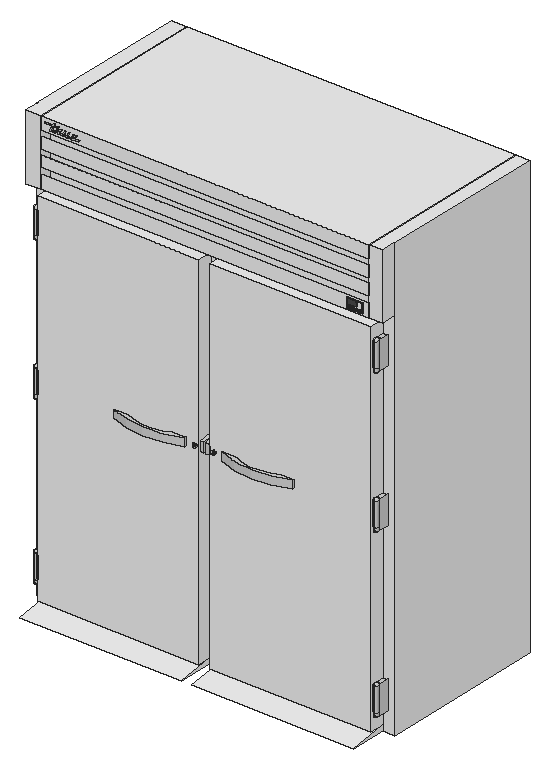
Revit family
Parameters
  Weight in Pounds = 0
  Watts = 4000 W
  Volts = 115 V
  URL Cutsheet = "www.truemfg.com"
  URL = "www.truemfg.com"
  Type Mark [instance] = ""
  Type Comments = ""
  Status [instance] = ""
  Specification by User [instance] = ""
  Specification by Manufacturer = ""
  Show Logo [instance] = yes
  Show Clearance [instance] = yes
  Serial Number = ""
  Seismic Rating = ""
  SMACNA No = ""
  Revision Code [instance] = ""
  Phase = 1
  Omniclass Number and Title = ""
  Number of Poles [instance] = 1
  NAFEM Spec ID Number = ""
  Model = "STR2HRI-2S"
  Min Ckt Ampacity = 0 A
  Max Overcurrent Protection = 0 A
  Masterspec = ""
  Manufacturer = "TRUE FOOD SERVICE EQUIPMENT, INC."
  Length = 68"
  Item Number [instance] = ""
  Installed By [instance] = ""
  Identify Quantity as Lot [instance] = yes
  Height = 83 3/4"
  HP = ""
  Furnished By [instance] = ""
  Foodservice Equipment Identifier [instance] = yes
  FL Amps = Watts / Volts  # 34.7826 A
  Electrical Remarks [instance] = ""
  Electric Connection Type [instance] = ""
  Elec Conn RI Height [instance] = 0"
  Elec Conn Connection Height [instance] = 0"
  Description = "Roll-in Solid Swing Door Heated Cabinet"
  Depth = 34 3/4"
  Cycle = 60 Hz
  Conn Plug = "14-20P"
  Conn Conduit = yes
  CSI MasterFormat = ""
  CSI Master Format = ""
  Apparent Power = if(Phase = 3, Volts * FL Amps * 1.73, Volts * FL Amps)  # 4000 VA
Reference planes (in)
  plane 1 "BACK": y = 0
  plane 2: z = 0
  plane 3 "LEFT": x = 0
  plane 4 "RIGHT": x = 68
  plane 5 "FRONT": y = -34.75
  plane 6 "TOP": z = 83.75
  plane 7: x = 2.84375
  plane 8: y = -34.7042
  plane 9: x = 34
  plane 10: z = 69.90625
Forms (in)
  Extrusion 1, solid, material "QF_Finishes_Chrome - Satin"
    sketch origin (0.05, 0, 0) x (1, 0, 0) y (0, 1, 0)
      loop
        line (-0.05, 0) -> (-0.05, -32) -> (2.87859, -32) -> (2.87859, 0) -> (-0.05, 0)
    from 0 to 83.75
  Extrusion 2, solid, material "QF_Finishes_Chrome - Satin"
    sketch origin (50.15, 0, 0) x (1, 0, 0) y (0, 1, 0)
      loop
        line (15.15, 0) -> (15.15, -32) -> (17.85, -32) -> (17.85, 0) -> (15.15, 0)
    from 0 to 83.75
  Extrusion 3, solid, material "QF_Finishes_Chrome - Satin"
    sketch origin (0, 0, 0) x (0, 1, 0) y (0, 0, 1)
      loop
        line (-34.7042, 71.28125) -> (-32, 71.28125) -> (-32, 0) -> (0, 0) -> (0, 83.75) -> (-34.7042, 83.75) -> (-34.7042, 81.40578) -> (-32.5, 79.83852) -> (-32.5, 78.71625) -> (-34.7042, 80.28351) -> (-34.7042, 78.1498) -> (-32.5, 76.58254) -> (-32.5, 75.62178) -> (-34.7042, 77.18904) -> (-34.7042, 75.09284) -> (-32.5, 73.52557) -> (-32.5, 72.25) -> (-34.7042, 73.81726) -> (-34.7042, 71.28125)
    from 2.92859 to 65.3
  Extrusion 4, solid, material "QF_Finishes_Chrome - Satin"
    sketch origin (0, 0, 0) x (1, 0, 0) y (0, 1, 0)
      loop
        line (67.84782, -32) -> (65.3, -32) -> (65.3, -34.75) -> (67.84782, -34.75) -> (67.84782, -32)
    from 71.28125 to 83.75
  Extrusion 5, solid, material "QF_Finishes_Chrome - Satin"
    sketch origin (-50.125, 0, 0.25) x (1, 0, 0) y (0, 1, 0)
      loop
        line (53.05359, -32) -> (50.24109, -32) -> (50.24109, -34.75) -> (53.05359, -34.75) -> (53.05359, -32)
    from 71.03125 to 83.5
  Extrusion 6, solid, material "QF_Finishes_Chrome - Satin"
    sketch origin (8.03125, -1, -0.71875) x (1, 0, 0) y (0, 0, 1)
      loop
        line (26.96875, 1.71875) -> (57.65625, 1.71875) -> (57.65625, 70.625) -> (26.96875, 70.625) -> (26.96875, 1.71875)
    from 31 to 33.75
  Extrusion 7, solid, material "QF_Finishes_Handrails and Railings"
    sketch origin (91.34375, -0.25, 26.43519) x (1, 0, 0) y (0, 1, 0)
      loop
        line (-53.875, -34.5) -> (-53.875, -34.7)
        arc (-53.875, -34.7) -> (-47.075, -36.14405) -> (-40.275, -34.7) r 16.7325
        line (-40.275, -34.7) -> (-40.275, -34.5) -> (-42.675, -34.5)
        arc (-42.675, -34.5) -> (-47.075, -35.65816) -> (-51.475, -34.5) r 8.93715
        line (-51.475, -34.5) -> (-53.875, -34.5)
    from 10.87731 to 12.37731
  Extrusion 8, solid, material "QF_Finishes_Handrails and Railings"
    sketch origin (9.34375, -1.08467, -2) x (1, 0, 0) y (0, 0, 1)
      loop
        circle (26.4375, 40.0625) r 0.35
      loop
        line (26.47265, 40.33635) -> (26.41715, 40.33635) -> (26.41715, 39.76895) -> (26.47265, 39.76895) -> (26.47265, 40.33635)
    from 33.5 to 33.83066
  Extrusion 9, solid, material "QF_Finishes_Handrails and Railings", visible <- "Show Logo"
    sketch origin (0.33478, 0.06376, 5.00294) x (1, 0, 0) y (0, 0, 1)
      loop
        line (3.46044, 78.08731) -> (3.35478, 77.86073) -> (4.76027, 77.86073)
        arc (4.76027, 77.86073) -> (4.78879, 77.81028) -> (4.76027, 77.75984) r 0.05887
        line (4.76027, 77.75984) -> (4.39369, 76.97372)
        arc (4.39369, 76.97372) -> (4.39051, 76.90091) -> (4.43975, 76.84717) r 0.09523
        line (4.43975, 76.84717) -> (5.33844, 76.84717)
        arc (5.33844, 76.84717) -> (5.45192, 76.88295) -> (5.52436, 76.97735) r 0.19785
        line (5.52436, 76.97735) -> (5.81285, 77.59601) -> (6.0779, 77.59601)
        arc (6.0779, 77.59601) -> (6.14744, 77.57043) -> (6.13737, 77.49703) r 0.05911
        line (6.13737, 77.49703) -> (5.89598, 76.97937)
        arc (5.89598, 76.97937) -> (5.89974, 76.8934) -> (5.97231, 76.84717) r 0.09318
        line (5.97231, 76.84717) -> (6.76198, 76.84717)
        arc (6.76198, 76.84717) -> (6.82249, 76.86919) -> (6.85468, 76.92495) r 0.09412
        arc (6.85468, 76.92495) -> (6.87746, 76.86995) -> (6.93246, 76.84717) r 0.07778
        line (6.93246, 76.84717) -> (7.43246, 76.84717)
        arc (7.43246, 76.84717) -> (7.49022, 76.86265) -> (7.53251, 76.90493) r 0.11552
        arc (7.53251, 76.90493) -> (7.55275, 76.85606) -> (7.60162, 76.83581) r 0.06912
        line (7.60162, 76.83581) -> (8.31225, 76.83581)
        arc (8.31225, 76.83581) -> (8.37034, 76.85988) -> (8.39441, 76.91797) r 0.08216
        arc (8.39441, 76.91797) -> (8.44767, 76.86472) -> (8.52042, 76.84522) r 0.14551
        line (8.52042, 76.84522) -> (9.85158, 76.84522) -> (9.99946, 77.10134) -> (8.65678, 77.10134)
        arc (8.65678, 77.10134) -> (8.61972, 77.12704) -> (8.61834, 77.17211) r 0.05009
        line (8.61834, 77.17211) -> (8.64157, 77.22192)
        arc (8.64157, 77.22192) -> (8.67723, 77.26864) -> (8.73327, 77.28635) r 0.09747
        line (8.73327, 77.28635) -> (9.16485, 77.28635)
        arc (9.16485, 77.28635) -> (9.258, 77.31131) -> (9.32619, 77.3795) r 0.1863
        line (9.32619, 77.3795) -> (9.45119, 77.59601)
        arc (9.45119, 77.59601) -> (9.45119, 77.71157) -> (9.35111, 77.76934) r 0.11556
        line (9.35111, 77.76934) -> (8.89562, 77.76934)
        arc (8.89562, 77.76934) -> (8.7795, 77.74962) -> (8.69849, 77.66412) r 0.18605
        line (8.69849, 77.66412) -> (8.48204, 77.19993)
        arc (8.48204, 77.19993) -> (8.41815, 77.11667) -> (8.31806, 77.08511) r 0.1745
        line (8.31806, 77.08511) -> (7.84559, 77.08511)
        arc (7.84559, 77.08511) -> (7.78903, 77.14684) -> (7.79268, 77.23048) r 0.10939
        line (7.79268, 77.23048) -> (8.04395, 77.76934) -> (7.88403, 77.76934) -> (7.61781, 77.19844)
        arc (7.61781, 77.19844) -> (7.56609, 77.13103) -> (7.48505, 77.10548) r 0.14128
        line (7.48505, 77.10548) -> (7.15925, 77.10548)
        arc (7.15925, 77.10548) -> (7.10419, 77.17723) -> (7.116, 77.26689) r 0.11816
        line (7.116, 77.26689) -> (7.3503, 77.76934) -> (7.18514, 77.76934) -> (6.91546, 77.191)
        arc (6.91546, 77.191) -> (6.85285, 77.12839) -> (6.76733, 77.10548) r 0.17104
        line (6.76733, 77.10548) -> (6.29555, 77.10548)
        arc (6.29555, 77.10548) -> (6.21082, 77.14499) -> (6.20267, 77.23813) r 0.0935
        line (6.20267, 77.23813) -> (6.35774, 77.57069) -> (6.57695, 77.57069)
        arc (6.57695, 77.57069) -> (6.61395, 77.68217) -> (6.69267, 77.76934) r 0.2857
        line (6.69267, 77.76934) -> (5.83605, 77.76934)
        arc (5.83605, 77.76934) -> (5.74086, 77.74824) -> (5.67498, 77.67635) r 0.16212
        line (5.67498, 77.67635) -> (5.44279, 77.17841)
        arc (5.44279, 77.17841) -> (5.3894, 77.12502) -> (5.31647, 77.10548) r 0.14586
        line (5.31647, 77.10548) -> (4.80506, 77.10548)
        arc (4.80506, 77.10548) -> (4.76514, 77.15942) -> (4.77274, 77.22609) r 0.09155
        line (4.77274, 77.22609) -> (5.11018, 77.86073) -> (5.96155, 77.86073) -> (6.06721, 78.08731) -> (5.21584, 78.08731) -> (5.32149, 78.31388) -> (5.01862, 78.31388) -> (4.91297, 78.08731) -> (3.46044, 78.08731)
      loop
        arc (8.83805, 77.56363) -> (8.80119, 77.55375) -> (8.7742, 77.52676) r 0.07373
        line (8.7742, 77.52676) -> (8.75229, 77.45936)
        arc (8.75229, 77.45936) -> (8.76245, 77.43483) -> (8.78699, 77.42466) r 0.0347
        line (8.78699, 77.42466) -> (9.15948, 77.42466)
        arc (9.15948, 77.42466) -> (9.18632, 77.43061) -> (9.20812, 77.44734) r 0.0635
        line (9.20812, 77.44734) -> (9.22624, 77.53122)
        arc (9.22624, 77.53122) -> (9.22091, 77.55368) -> (9.20009, 77.56363) r 0.02676
        line (9.20009, 77.56363) -> (8.83805, 77.56363)
    from 34.76797 to 34.83173
  Extrusion 10, solid, material "QF_Finishes_White"
    sketch origin (-22.74812, 0.0458, -7.95638) x (1, 0, 0) y (0, 0, 1)
      loop
        line (83.81732, 81.35727) -> (83.81732, 79.60996) -> (86.72357, 79.60996) -> (86.72357, 81.35727) -> (83.81732, 81.35727)
    from 34.75 to 34.76797
  Extrusion 11, solid, material "QF_Finishes_Black"
    sketch origin (-22.74812, 0.0458, -7.95638) x (1, 0, 0) y (0, 0, 1)
      loop
        line (86.78607, 81.41977) -> (83.75482, 81.41977) -> (83.75482, 79.54746) -> (86.78607, 79.54746) -> (86.78607, 81.41977)
      loop
        spline (83.95482, 79.87872) -> (83.96333, 79.86254) -> (83.98831, 79.84747) -> (84.02804, 79.83452) -> (84.07982, 79.82459) -> (84.14011, 79.81835) -> (84.20482, 79.81622) -> (84.26952, 79.81835) -> (84.32982, 79.82459) -> (84.38159, 79.83452) -> (84.42132, 79.84747) -> (84.4463, 79.86254) -> (84.45482, 79.87872)
        spline (84.45482, 79.87872) -> (84.4463, 79.89489) -> (84.42132, 79.90997) -> (84.38159, 79.92291) -> (84.32982, 79.93284) -> (84.26952, 79.93909) -> (84.20482, 79.94122) -> (84.14011, 79.93909) -> (84.07982, 79.93284) -> (84.02804, 79.92291) -> (83.98831, 79.90997) -> (83.96333, 79.89489) -> (83.95482, 79.87872)
      loop
        spline (84.65083, 79.87872) -> (84.65935, 79.86254) -> (84.68432, 79.84747) -> (84.72405, 79.83452) -> (84.77583, 79.82459) -> (84.83612, 79.81835) -> (84.90083, 79.81622) -> (84.96553, 79.81835) -> (85.02583, 79.82459) -> (85.07761, 79.83452) -> (85.11734, 79.84747) -> (85.14231, 79.86254) -> (85.15083, 79.87872)
        spline (85.15083, 79.87872) -> (85.14231, 79.89489) -> (85.11734, 79.90997) -> (85.07761, 79.92291) -> (85.02583, 79.93284) -> (84.96553, 79.93909) -> (84.90083, 79.94122) -> (84.83612, 79.93909) -> (84.77583, 79.93284) -> (84.72405, 79.92291) -> (84.68432, 79.90997) -> (84.65935, 79.89489) -> (84.65083, 79.87872)
      loop
        spline (85.40083, 79.87872) -> (85.40935, 79.86254) -> (85.43432, 79.84747) -> (85.47405, 79.83452) -> (85.52583, 79.82459) -> (85.58612, 79.81835) -> (85.65083, 79.81622) -> (85.71553, 79.81835) -> (85.77583, 79.82459) -> (85.82761, 79.83452) -> (85.86734, 79.84747) -> (85.89231, 79.86254) -> (85.90083, 79.87872)
        spline (85.90083, 79.87872) -> (85.89231, 79.89489) -> (85.86734, 79.90997) -> (85.82761, 79.92291) -> (85.77583, 79.93284) -> (85.71553, 79.93909) -> (85.65083, 79.94122) -> (85.58612, 79.93909) -> (85.52583, 79.93284) -> (85.47405, 79.92291) -> (85.43432, 79.90997) -> (85.40935, 79.89489) -> (85.40083, 79.87872)
      loop
        line (83.95481, 81.21978) -> (83.95481, 80.21978) -> (85.65433, 80.21978) -> (85.65433, 81.21978) -> (83.95481, 81.21978)
      loop
        line (86.72357, 81.35727) -> (83.81732, 81.35727) -> (83.81732, 79.60996) -> (86.72357, 79.60996) -> (86.72357, 81.35727)
      loop
        spline (86.15083, 79.87872) -> (86.15935, 79.86254) -> (86.18432, 79.84747) -> (86.22405, 79.83452) -> (86.27583, 79.82459) -> (86.33612, 79.81835) -> (86.40083, 79.81622) -> (86.46553, 79.81835) -> (86.52583, 79.82459) -> (86.57761, 79.83452) -> (86.61734, 79.84747) -> (86.64231, 79.86254) -> (86.65083, 79.87872)
        spline (86.65083, 79.87872) -> (86.64231, 79.89489) -> (86.61734, 79.90997) -> (86.57761, 79.92291) -> (86.52583, 79.93284) -> (86.46553, 79.93909) -> (86.40083, 79.94122) -> (86.33612, 79.93909) -> (86.27583, 79.93284) -> (86.22405, 79.92291) -> (86.18432, 79.90997) -> (86.15935, 79.89489) -> (86.15083, 79.87872)
    from 34.76797 to 34.80335
  Extrusion 12, solid
    sketch origin (-25.125, 0, 0) x (1, 0, 0) y (0, 0, 1)
      loop
        circle (89.875, 81.625) r 0.25
    from 0 to 0.0625
  Blend 13, solid, material "QF_Finishes_Handrails and Railings"
    base sketch origin (60.25, -1, 0) x (-1, 0, 0) y (0, 0, -1)
      loop
        line (25.25, -38.99169) -> (26, -38.99169) -> (26, -37.24169) -> (25.25, -37.24169) -> (25.25, -38.99169)
    top sketch origin (60.25, 0, 0) x (-1, 0, 0) y (0, 0, -1)
      loop
        line (26.18223, -36.6441) -> (25.25, -36.6441) -> (25.25, -39.42643) -> (26.18223, -39.42643) -> (26.18223, -36.6441)
    from 33.57883 to 32
  Extrusion 14, solid, material "QF_Finishes_Handrails and Railings"
    sketch origin (66.78125, 0, 3.5) x (0, 1, 0) y (0, 0, -1)
      loop
        line (-32, -64.17729) -> (-32, -58.86127) -> (-34.25, -58.86127) -> (-34.25, -59.57348) -> (-33.81497, -59.57348) -> (-33.81497, -63.97276)
        arc (-33.81497, -63.97276) -> (-33.75506, -64.11738) -> (-33.61044, -64.17729) r 0.20453
        line (-33.61044, -64.17729) -> (-32, -64.17729)
    from 0.17506 to 1
  Revolve 15, solid, material "QF_Finishes_Handrails and Railings"
    sketch origin (66.28125, 0, 3.5) x (0, 1, 0) y (0, 0, -1)
      loop
        line (-34.26563, -59.62689) -> (-34.67229, -59.62689) -> (-34.67229, -64.0986)
        arc (-34.67229, -64.0986) -> (-34.53722, -64.35057) -> (-34.26563, -64.43983) r 0.3848
        line (-34.26563, -64.43983) -> (-34.26563, -59.62689)
      loop
        line (-34.26563, -59.57348) -> (-34.26563, -58.67281)
        arc (-34.26563, -58.67281) -> (-34.53264, -58.75883) -> (-34.67229, -59.00212) r 0.38884
        line (-34.67229, -59.00212) -> (-34.67229, -59.57348) -> (-34.26563, -59.57348)
      axis (-34.26563, -58.67281) -> (-34.26563, -64.43983)
    angle from 0 to 360
  Extrusion 16, solid, material "QF_Finishes_Handrails and Railings"
    sketch origin (27.5, -1.07734, 3.5011) x (-1, 0, 0) y (0, 0, -1)
      loop
        line (-38.58509, -64.0986) -> (-38.1875, -64.0986) -> (-38.1875, -59.62579) -> (-38.58509, -59.62579) -> (-38.58509, -64.0986)
    from 32.81497 to 33.59495
  Extrusion 17, solid, material "QF_Finishes_Handrails and Railings"
    sketch origin (66.78125, 0, -24) x (0, 1, 0) y (0, 0, -1)
      loop
        line (-32, -64.55229) -> (-32, -59.23627) -> (-34.25, -59.23627) -> (-34.25, -59.94848) -> (-33.81497, -59.94848) -> (-33.81497, -64.34776)
        arc (-33.81497, -64.34776) -> (-33.75506, -64.49238) -> (-33.61044, -64.55229) r 0.20453
        line (-33.61044, -64.55229) -> (-32, -64.55229)
    from 0.17506 to 1
  Revolve 18, solid, material "QF_Finishes_Handrails and Railings"
    sketch origin (66.28125, 0, -24) x (0, 1, 0) y (0, 0, -1)
      loop
        line (-34.26563, -60.00189) -> (-34.67229, -60.00189) -> (-34.67229, -64.4736)
        arc (-34.67229, -64.4736) -> (-34.53722, -64.72557) -> (-34.26563, -64.81483) r 0.3848
        line (-34.26563, -64.81483) -> (-34.26563, -60.00189)
      loop
        line (-34.26563, -59.94848) -> (-34.26563, -59.04781)
        arc (-34.26563, -59.04781) -> (-34.53264, -59.13383) -> (-34.67229, -59.37712) r 0.38884
        line (-34.67229, -59.37712) -> (-34.67229, -59.94848) -> (-34.26563, -59.94848)
      axis (-34.26563, -59.04781) -> (-34.26563, -64.81483)
    angle from 0 to 360
  Extrusion 19, solid, material "QF_Finishes_Handrails and Railings"
    sketch origin (27.5, -1.07734, -23.9989) x (-1, 0, 0) y (0, 0, -1)
      loop
        line (-38.58509, -64.4736) -> (-38.1875, -64.4736) -> (-38.1875, -60.00079) -> (-38.58509, -60.00079) -> (-38.58509, -64.4736)
    from 32.81497 to 33.59495
  Extrusion 20, solid, material "QF_Finishes_Handrails and Railings"
    sketch origin (66.78125, 0, -55.5) x (0, 1, 0) y (0, 0, -1)
      loop
        line (-32, -64.55229) -> (-32, -59.23627) -> (-34.25, -59.23627) -> (-34.25, -59.94848) -> (-33.81497, -59.94848) -> (-33.81497, -64.34776)
        arc (-33.81497, -64.34776) -> (-33.75506, -64.49238) -> (-33.61044, -64.55229) r 0.20453
        line (-33.61044, -64.55229) -> (-32, -64.55229)
    from 0.17506 to 1
  Revolve 21, solid, material "QF_Finishes_Handrails and Railings"
    sketch origin (66.28125, 0, -55.5) x (0, 1, 0) y (0, 0, -1)
      loop
        line (-34.26563, -60.00189) -> (-34.67229, -60.00189) -> (-34.67229, -64.4736)
        arc (-34.67229, -64.4736) -> (-34.53722, -64.72557) -> (-34.26563, -64.81483) r 0.3848
        line (-34.26563, -64.81483) -> (-34.26563, -60.00189)
      loop
        line (-34.26563, -59.94848) -> (-34.26563, -59.04781)
        arc (-34.26563, -59.04781) -> (-34.53264, -59.13383) -> (-34.67229, -59.37712) r 0.38884
        line (-34.67229, -59.37712) -> (-34.67229, -59.94848) -> (-34.26563, -59.94848)
      axis (-34.26563, -59.04781) -> (-34.26563, -64.81483)
    angle from 0 to 360
  Extrusion 22, solid, material "QF_Finishes_Handrails and Railings"
    sketch origin (27.5, -1.07734, -55.4989) x (-1, 0, 0) y (0, 0, -1)
      loop
        line (-38.58509, -64.4736) -> (-38.1875, -64.4736) -> (-38.1875, -60.00079) -> (-38.58509, -60.00079) -> (-38.58509, -64.4736)
    from 32.81497 to 33.59495
  Extrusion 23, solid, material "QF_Finishes_Chrome - Satin"
    sketch origin (65.6875, -1, 8.03125) x (0, 0, 1) y (0, -1, 0)
      loop
        line (-8.03125, 37.875) -> (-8.03125, 31) -> (-7.03125, 31) -> (-8.03125, 37.875)
    from 0 to -30.6875
  Extrusion 24, solid, material "QF_Finishes_Chrome - Satin"
    sketch origin (59.96875, -1, -0.71875) x (-1, 0, 0) y (0, 0, -1)
      loop
        line (26.96875, -1.71875) -> (26.96875, -70.625) -> (57.65625, -70.625) -> (57.65625, -1.71875) -> (26.96875, -1.71875)
    from 31 to 33.75
  Extrusion 25, solid, material "QF_Finishes_Handrails and Railings"
    sketch origin (-23.34375, -0.25, 26.43519) x (1, 0, 0) y (0, 1, 0)
      loop
        line (53.875, -34.5) -> (51.475, -34.5)
        arc (51.475, -34.5) -> (47.075, -35.65816) -> (42.675, -34.5) r 8.93715
        line (42.675, -34.5) -> (40.275, -34.5) -> (40.275, -34.7)
        arc (40.275, -34.7) -> (47.075, -36.14405) -> (53.875, -34.7) r 16.7325
        line (53.875, -34.7) -> (53.875, -34.5)
    from 10.87731 to 12.37731
  Extrusion 26, solid, material "QF_Finishes_Handrails and Railings"
    sketch origin (58.65625, -1.08467, -2) x (-1, 0, 0) y (0, 0, -1)
      loop
        circle (26.4375, -40.0625) r 0.35
      loop
        line (26.47265, -40.33635) -> (26.47265, -39.76895) -> (26.41715, -39.76895) -> (26.41715, -40.33635) -> (26.47265, -40.33635)
    from 33.5 to 33.83066
  Blend 27, solid, material "QF_Finishes_Handrails and Railings"
    base sketch origin (7.75, -1, 0) x (1, 0, 0) y (0, 0, 1)
      loop
        line (25.25, 38.99169) -> (25.25, 37.24169) -> (26, 37.24169) -> (26, 38.99169) -> (25.25, 38.99169)
    top sketch origin (7.75, 0, 0) x (1, 0, 0) y (0, 0, 1)
      loop
        line (26.18223, 36.6441) -> (26.18223, 39.42643) -> (25.25, 39.42643) -> (25.25, 36.6441) -> (26.18223, 36.6441)
    from 33.57883 to 32
  Extrusion 28, solid, material "QF_Finishes_Handrails and Railings"
    sketch origin (1.21875, 0, 3.5) x (0, 1, 0) y (0, 0, 1)
      loop
        line (-32, 64.17729) -> (-33.61044, 64.17729)
        arc (-33.61044, 64.17729) -> (-33.75506, 64.11738) -> (-33.81497, 63.97276) r 0.20453
        line (-33.81497, 63.97276) -> (-33.81497, 59.57348) -> (-34.25, 59.57348) -> (-34.25, 58.86127) -> (-32, 58.86127) -> (-32, 64.17729)
    from 0.17506 to 1
  Revolve 29, solid, material "QF_Finishes_Handrails and Railings"
    sketch origin (1.71875, 0, 3.5) x (0, 1, 0) y (0, 0, 1)
      loop
        line (-34.26563, 59.62689) -> (-34.26563, 64.43983)
        arc (-34.26563, 64.43983) -> (-34.53722, 64.35057) -> (-34.67229, 64.0986) r 0.3848
        line (-34.67229, 64.0986) -> (-34.67229, 59.62689) -> (-34.26563, 59.62689)
      loop
        line (-34.26563, 59.57348) -> (-34.67229, 59.57348) -> (-34.67229, 59.00212)
        arc (-34.67229, 59.00212) -> (-34.53264, 58.75883) -> (-34.26563, 58.67281) r 0.38884
        line (-34.26563, 58.67281) -> (-34.26563, 59.57348)
      axis (-34.26563, 58.67281) -> (-34.26563, 64.43983)
    angle from 0 to 360
  Extrusion 30, solid, material "QF_Finishes_Handrails and Railings"
    sketch origin (40.5, -1.07734, 3.5011) x (1, 0, 0) y (0, 0, 1)
      loop
        line (-38.58509, 64.0986) -> (-38.58509, 59.62579) -> (-38.1875, 59.62579) -> (-38.1875, 64.0986) -> (-38.58509, 64.0986)
    from 32.81497 to 33.59495
  Extrusion 31, solid, material "QF_Finishes_Handrails and Railings"
    sketch origin (1.21875, 0, -24) x (0, 1, 0) y (0, 0, 1)
      loop
        line (-32, 64.55229) -> (-33.61044, 64.55229)
        arc (-33.61044, 64.55229) -> (-33.75506, 64.49238) -> (-33.81497, 64.34776) r 0.20453
        line (-33.81497, 64.34776) -> (-33.81497, 59.94848) -> (-34.25, 59.94848) -> (-34.25, 59.23627) -> (-32, 59.23627) -> (-32, 64.55229)
    from 0.17506 to 1
  Revolve 32, solid, material "QF_Finishes_Handrails and Railings"
    sketch origin (1.71875, 0, -24) x (0, 1, 0) y (0, 0, 1)
      loop
        line (-34.26563, 60.00189) -> (-34.26563, 64.81483)
        arc (-34.26563, 64.81483) -> (-34.53722, 64.72557) -> (-34.67229, 64.4736) r 0.3848
        line (-34.67229, 64.4736) -> (-34.67229, 60.00189) -> (-34.26563, 60.00189)
      loop
        line (-34.26563, 59.94848) -> (-34.67229, 59.94848) -> (-34.67229, 59.37712)
        arc (-34.67229, 59.37712) -> (-34.53264, 59.13383) -> (-34.26563, 59.04781) r 0.38884
        line (-34.26563, 59.04781) -> (-34.26563, 59.94848)
      axis (-34.26563, 59.04781) -> (-34.26563, 64.81483)
    angle from 0 to 360
  Extrusion 33, solid, material "QF_Finishes_Handrails and Railings"
    sketch origin (40.5, -1.07734, -23.9989) x (1, 0, 0) y (0, 0, 1)
      loop
        line (-38.58509, 64.4736) -> (-38.58509, 60.00079) -> (-38.1875, 60.00079) -> (-38.1875, 64.4736) -> (-38.58509, 64.4736)
    from 32.81497 to 33.59495
  Extrusion 34, solid, material "QF_Finishes_Handrails and Railings"
    sketch origin (1.21875, 0, -55.5) x (0, 1, 0) y (0, 0, 1)
      loop
        line (-32, 64.55229) -> (-33.61044, 64.55229)
        arc (-33.61044, 64.55229) -> (-33.75506, 64.49238) -> (-33.81497, 64.34776) r 0.20453
        line (-33.81497, 64.34776) -> (-33.81497, 59.94848) -> (-34.25, 59.94848) -> (-34.25, 59.23627) -> (-32, 59.23627) -> (-32, 64.55229)
    from 0.17506 to 1
  Revolve 35, solid, material "QF_Finishes_Handrails and Railings"
    sketch origin (1.71875, 0, -55.5) x (0, 1, 0) y (0, 0, 1)
      loop
        line (-34.26563, 60.00189) -> (-34.26563, 64.81483)
        arc (-34.26563, 64.81483) -> (-34.53722, 64.72557) -> (-34.67229, 64.4736) r 0.3848
        line (-34.67229, 64.4736) -> (-34.67229, 60.00189) -> (-34.26563, 60.00189)
      loop
        line (-34.26563, 59.94848) -> (-34.67229, 59.94848) -> (-34.67229, 59.37712)
        arc (-34.67229, 59.37712) -> (-34.53264, 59.13383) -> (-34.26563, 59.04781) r 0.38884
        line (-34.26563, 59.04781) -> (-34.26563, 59.94848)
      axis (-34.26563, 59.04781) -> (-34.26563, 64.81483)
    angle from 0 to 360
  Extrusion 36, solid, material "QF_Finishes_Handrails and Railings"
    sketch origin (40.5, -1.07734, -55.4989) x (1, 0, 0) y (0, 0, 1)
      loop
        line (-38.58509, 64.4736) -> (-38.58509, 60.00079) -> (-38.1875, 60.00079) -> (-38.1875, 64.4736) -> (-38.58509, 64.4736)
    from 32.81497 to 33.59495
  Extrusion 37, solid, material "QF_Finishes_Chrome - Satin"
    sketch origin (2.3125, -1, 8.03125) x (0, 0, 1) y (0, 1, 0)
      loop
        line (-8.03125, -37.875) -> (-7.03125, -31) -> (-8.03125, -31) -> (-8.03125, -37.875)
    from 0 to -30.6875
  Extrusion 38, solid, material "QF_Finishes_Door Clearance", visible <- "Show Clearance", detail levels coarse
    sketch origin (32.71875, -1, 1) x (0, 1, 0) y (1, 0, 0)
      loop
        line (-33.75, -30.40625) -> (-33.75, 0.28125)
        arc (-33.75, 0.28125) -> (-55.44934, -8.70691) -> (-64.4375, -30.40625) r 30.6875
        line (-64.4375, -30.40625) -> (-33.75, -30.40625)
      loop
        line (-33.75, 32.96875) -> (-64.4375, 32.96875)
        arc (-64.4375, 32.96875) -> (-55.44934, 11.26941) -> (-33.75, 2.28125) r 30.6875
        line (-33.75, 2.28125) -> (-33.75, 32.96875)
    from 0 to -68.90625
Cuts and joins
  joined: Extrusion 1, Extrusion 2, Extrusion 4, Extrusion 5
Lines and regions (in)
  symbolic lines
    curve 1: line (0, 0, 0) -> (68, 0, 0)
    curve 2: line (0, -34.75, 0) -> (0, 0, 0)
    curve 3: line (68, -34.75, 0) -> (0, -34.75, 0)
    curve 4: line (68, 0, 0) -> (68, -34.75, 0)
    curve 5: line (68, -32.5, 0) -> (0, -32.5, 0)
    curve 6: arc (28.13125, -34.75, 0) -> (23.73125, -35.90816, 0) -> (19.33125, -34.75, 0) r 8.93715
    curve 7: arc (16.93125, -34.95, 0) -> (23.73125, -36.39405, 0) -> (30.53125, -34.95, 0) r 16.7325
    curve 8: line (16.93125, -34.75, 0) -> (16.93125, -34.95, 0)
    curve 9: line (30.53125, -34.95, 0) -> (30.53125, -34.75, 0)
    curve 10: arc (48.66875, -34.75, 0) -> (44.26875, -35.90816, 0) -> (39.86875, -34.75, 0) r 8.93715
    curve 11: arc (37.46875, -34.95, 0) -> (44.26875, -36.39405, 0) -> (51.06875, -34.95, 0) r 16.7325
    curve 12: line (37.46875, -34.75, 0) -> (37.46875, -34.95, 0)
    curve 13: line (51.06875, -34.95, 0) -> (51.06875, -34.75, 0)
  symbolic lines, style "QF_Door Swings", visible <- "Show Clearance", detail levels coarse
    curve 14: line (2.3125, -34.75, 0) -> (2.3125, -65.4375, 0)
    curve 15: arc (33, -34.75, 0) -> (24.01184, -56.44934, 0) -> (2.3125, -65.4375, 0) r 30.6875
    curve 16: arc (65.6875, -65.4375, 0) -> (43.98816, -56.44934, 0) -> (35, -34.75, 0) r 30.6875
    curve 17: line (65.6875, -65.4375, 0) -> (65.6875, -34.75, 0)
Dimensions and locks (in)
  "Depth": plane 5 "FRONT" to plane 1 "BACK"
  plane 6 "TOP" to level = 83 3/4"  (x2)
  Extrusion 6 sketch curve to Extrusion 6 sketch curve = 30 11/16"
  Extrusion 6 to plane 1 "BACK" = 34 3/4"
  "Length": plane 3 "LEFT" to plane 4 "RIGHT"
  plane 4 "RIGHT" to plane 3 "LEFT" = 68"
  equal spacing: plane 3 "LEFT", plane 9, plane 4 "RIGHT"
  Extrusion 24 sketch curve to Extrusion 24 sketch curve = 30 11/16"
  plane 10 to level = 69 29/32"
  aligned and locked: level to plane 2
Automatic sketch dimensions
  plane 1 "BACK" to curve 1 = 0"
  curve 1 to plane 3 "LEFT" = 0"
  plane 5 "FRONT" to curve 8 = 0"
  curve 4 to plane 4 "RIGHT" = 0"
  plane 5 "FRONT" to curve 7 = 0.2"
  plane 7 to curve 7 = 14.0875"
  curve 8 to curve 6 = 2.4"
  curve 6 to curve 6 = 4.4"
  curve 7 to curve 6 = 0"
  plane 5 "FRONT" to curve 9 = 0.2"
  plane 5 "FRONT" to curve 12 = 0.2"
  curve 12 to plane 9 = 3 15/32"
  curve 12 to curve 10 = 2.4"
  curve 10 to curve 10 = 4.4"
  curve 11 to curve 10 = 0"
  plane 5 "FRONT" to curve 11 = 0.2"
  curve 5 to plane 5 "FRONT" = 2 1/4"
  curve 10 to plane 5 "FRONT" = 7.77899"
  curve 6 to plane 5 "FRONT" = 7.77899"
  curve 10 to curve 11 = 7.30945"
  curve 6 to curve 7 = 7.30945"
  Extrusion 1 sketch curve to plane 3 "LEFT" = 0"
  plane 1 "BACK" to Extrusion 1 sketch curve = 0"
  plane 7 to Extrusion 1 sketch curve = 0.08484"
  Extrusion 1 sketch curve to plane 5 "FRONT" = 2 3/4"
  plane 1 "BACK" to Extrusion 2 sketch curve = 0"
  Extrusion 2 sketch curve to plane 4 "RIGHT" = 0"
  Extrusion 2 sketch curve to plane 4 "RIGHT" = 2.7"
  Extrusion 2 sketch curve to plane 5 "FRONT" = 2 3/4"
  Extrusion 3 sketch curve to plane 8 = 0"  (x4)
  Extrusion 3 sketch curve to level = 0"
  Extrusion 3 sketch curve to plane 6 "TOP" = 0"
  plane 8 to Extrusion 3 sketch curve = 2.2042"  (x2)
  Extrusion 3 sketch curve to Extrusion 3 sketch curve = 0"
  Extrusion 3 sketch curve to Extrusion 3 sketch curve = 1/2"
  plane 1 "BACK" to Extrusion 3 sketch curve = 0"
  Extrusion 3 sketch curve to plane 6 "TOP" = 12 15/32"
  Extrusion 3 sketch curve to Extrusion 3 sketch curve = 31/32"
  Extrusion 3 sketch curve to Extrusion 3 sketch curve = 1.27557"  (x2)
  Extrusion 3 sketch curve to Extrusion 3 sketch curve = 0.29169"
  Extrusion 3 sketch curve to Extrusion 3 sketch curve = 2.0962"  (x2)
  Extrusion 3 sketch curve to Extrusion 3 sketch curve = 0.96076"  (x2)
  Extrusion 3 sketch curve to Extrusion 3 sketch curve = 2.13371"  (x2)
  Extrusion 3 sketch curve to Extrusion 3 sketch curve = 1.12227"  (x2)
  plane 5 "FRONT" to Extrusion 4 sketch curve = 0"
  Extrusion 4 sketch curve to plane 4 "RIGHT" = 2.7"
  Extrusion 4 sketch curve to plane 4 "RIGHT" = 0.15218"
  Extrusion 4 sketch curve to plane 5 "FRONT" = 2 3/4"
  plane 5 "FRONT" to Extrusion 5 sketch curve = 0"
  plane 3 "LEFT" to Extrusion 5 sketch curve = 0.11609"
  plane 7 to Extrusion 5 sketch curve = 0.08484"
  Extrusion 5 sketch curve to plane 5 "FRONT" = 2 3/4"
  Extrusion 6 sketch curve to plane 9 = 1"
  level to Extrusion 6 sketch curve = 1"
  Extrusion 6 sketch curve to plane 6 "TOP" = 13 27/32"
  plane 5 "FRONT" to Extrusion 7 sketch curve = 0"  (x2)
  Extrusion 7 sketch curve to plane 9 = 3 15/32"
  Extrusion 7 sketch curve to Extrusion 7 sketch curve = 2.4"  (x2)
  Extrusion 7 sketch curve to Extrusion 7 sketch curve = 4.4"
  Extrusion 7 sketch curve to Extrusion 7 sketch curve = 0"
  Extrusion 7 sketch curve to Extrusion 7 sketch curve = 0.2"
  Extrusion 7 sketch curve to plane 5 "FRONT" = 7.77899"
  Extrusion 7 sketch curve to Extrusion 7 sketch curve = 7.30945"
  Extrusion 8 sketch curve to plane 9 = 1.7609"
  Extrusion 8 sketch curve to Extrusion 8 sketch curve = 0.02035"
  Extrusion 8 sketch curve to Extrusion 8 sketch curve = 0.0555"
  level to Extrusion 8 sketch curve = 37.76895"
  Extrusion 8 sketch curve to Extrusion 8 sketch curve = 0.29355"
  Extrusion 8 sketch curve to Extrusion 8 sketch curve = 0.27385"
  plane 7 to Extrusion 9 sketch curve = 0.84582"
  Extrusion 9 sketch curve to Extrusion 9 sketch curve = 0.10565"  (x5)
  Extrusion 9 sketch curve to Extrusion 9 sketch curve = 1.03891"
  Extrusion 9 sketch curve to Extrusion 9 sketch curve = 0.04606"
  Extrusion 9 sketch curve to Extrusion 9 sketch curve = 0.08631"
  Extrusion 9 sketch curve to Extrusion 9 sketch curve = 0.33624"
  Extrusion 9 sketch curve to Extrusion 9 sketch curve = 0.03034"  (x2)
  Extrusion 9 sketch curve to Extrusion 9 sketch curve = 0.29274"
  Extrusion 9 sketch curve to Extrusion 9 sketch curve = 0.03232"
  Extrusion 9 sketch curve to Extrusion 9 sketch curve = 0.04851"
  Extrusion 9 sketch curve to plane 6 "TOP" = 0.65975"
  Extrusion 9 sketch curve to Extrusion 9 sketch curve = 0.1527"
  Extrusion 9 sketch curve to plane 6 "TOP" = 0.43317"
  Extrusion 9 sketch curve to Extrusion 9 sketch curve = 0.19721"
  Extrusion 9 sketch curve to Extrusion 9 sketch curve = 0.4629"
  Extrusion 9 sketch curve to Extrusion 9 sketch curve = 0.02197"
  Extrusion 9 sketch curve to Extrusion 9 sketch curve = 0.12632"
  Extrusion 9 sketch curve to Extrusion 9 sketch curve = 0.18591"
  Extrusion 9 sketch curve to plane 6 "TOP" = 1.0707"
  Extrusion 9 sketch curve to Extrusion 9 sketch curve = 0.2322"
  Extrusion 9 sketch curve to Extrusion 9 sketch curve = 0.13786"
  Extrusion 9 sketch curve to Extrusion 9 sketch curve = 0.00907"
  Extrusion 9 sketch curve to Extrusion 9 sketch curve = 0.01413"
  Extrusion 9 sketch curve to Extrusion 9 sketch curve = 0.37162"
  Extrusion 9 sketch curve to plane 6 "TOP" = 0.88633"
  Extrusion 9 sketch curve to Extrusion 9 sketch curve = 0.12551"
  Extrusion 9 sketch curve to Extrusion 9 sketch curve = 0.07633"
  Extrusion 9 sketch curve to Extrusion 9 sketch curve = 0.08445"
  Extrusion 9 sketch curve to Extrusion 9 sketch curve = 0.25598"
  Extrusion 9 sketch curve to Extrusion 9 sketch curve = 0.01887"
  Extrusion 9 sketch curve to Extrusion 9 sketch curve = 0.04061"
  Extrusion 9 sketch curve to plane 6 "TOP" = 1.50892"
  Extrusion 9 sketch curve to Extrusion 9 sketch curve = 0.0653"
  Extrusion 9 sketch curve to Extrusion 9 sketch curve = 0.08474"
  Extrusion 9 sketch curve to Extrusion 9 sketch curve = 0.00815"
  Extrusion 9 sketch curve to Extrusion 9 sketch curve = 0.22037"
  Extrusion 9 sketch curve to Extrusion 9 sketch curve = 0.21921"
  Extrusion 9 sketch curve to Extrusion 9 sketch curve = 0.11572"
  Extrusion 9 sketch curve to Extrusion 9 sketch curve = 0.46643"
  Extrusion 9 sketch curve to Extrusion 9 sketch curve = 0.00535"
  Extrusion 9 sketch curve to Extrusion 9 sketch curve = 0.09269"
  Extrusion 9 sketch curve to Extrusion 9 sketch curve = 0.09348"
  Extrusion 9 sketch curve to Extrusion 9 sketch curve = 0.14812"
  Extrusion 9 sketch curve to Extrusion 9 sketch curve = 0.07778"
  Extrusion 9 sketch curve to Extrusion 9 sketch curve = 0.20054"
  Extrusion 9 sketch curve to Extrusion 9 sketch curve = 0.04325"
  Extrusion 9 sketch curve to plane 6 "TOP" = 0.97771"  (x2)
  Extrusion 9 sketch curve to Extrusion 9 sketch curve = 0.32433"
  Extrusion 9 sketch curve to Extrusion 9 sketch curve = 0.10233"  (x2)
  Extrusion 9 sketch curve to Extrusion 9 sketch curve = 0.16515"
  Extrusion 9 sketch curve to Extrusion 9 sketch curve = 0.27321"
  Extrusion 9 sketch curve to Extrusion 9 sketch curve = 0.0526"
  Extrusion 9 sketch curve to Extrusion 9 sketch curve = 0.10005"
  Extrusion 9 sketch curve to Extrusion 9 sketch curve = 0.06912"
  Extrusion 9 sketch curve to Extrusion 9 sketch curve = 0.13276"
  Extrusion 9 sketch curve to plane 6 "TOP" = 1.51658"
  Extrusion 9 sketch curve to Extrusion 9 sketch curve = 0.17486"
  Extrusion 9 sketch curve to Extrusion 9 sketch curve = 0.05291"
  Extrusion 9 sketch curve to Extrusion 9 sketch curve = 0.53374"
  Extrusion 9 sketch curve to Extrusion 9 sketch curve = 0.09914"
  Extrusion 9 sketch curve to Extrusion 9 sketch curve = 0.15992"
  Extrusion 9 sketch curve to Extrusion 9 sketch curve = 0.46666"
  Extrusion 9 sketch curve to Extrusion 9 sketch curve = 0.00582"
  Extrusion 9 sketch curve to Extrusion 9 sketch curve = 0.08216"
  Extrusion 9 sketch curve to Extrusion 9 sketch curve = 0.16397"
  Extrusion 9 sketch curve to Extrusion 9 sketch curve = 0.12601"
  Extrusion 9 sketch curve to plane 6 "TOP" = 1.57494"
  Extrusion 9 sketch curve to Extrusion 9 sketch curve = 0.1363"
  Extrusion 9 sketch curve to plane 6 "TOP" = 1.52514"
  Extrusion 9 sketch curve to Extrusion 9 sketch curve = 0.02323"
  Extrusion 9 sketch curve to Extrusion 9 sketch curve = 0.03844"
  Extrusion 9 sketch curve to Extrusion 9 sketch curve = 0.0454"
  Extrusion 9 sketch curve to Extrusion 9 sketch curve = 0.05693"
  Extrusion 9 sketch curve to Extrusion 9 sketch curve = 0.0917"
  Extrusion 9 sketch curve to Extrusion 9 sketch curve = 0.01902"
  Extrusion 9 sketch curve to Extrusion 9 sketch curve = 0.02191"
  Extrusion 9 sketch curve to Extrusion 9 sketch curve = 0.0347"
  Extrusion 9 sketch curve to Extrusion 9 sketch curve = 0.06385"
  Extrusion 9 sketch curve to Extrusion 9 sketch curve = 0.02906"
  Extrusion 9 sketch curve to Extrusion 9 sketch curve = 0.02851"
  Extrusion 9 sketch curve to Extrusion 9 sketch curve = 0.29237"
  Extrusion 9 sketch curve to Extrusion 9 sketch curve = 0.00537"
  Extrusion 9 sketch curve to Extrusion 9 sketch curve = 0.0406"
  Extrusion 9 sketch curve to plane 6 "TOP" = 1.29971"
  Extrusion 9 sketch curve to Extrusion 9 sketch curve = 0.04327"
  Extrusion 9 sketch curve to Extrusion 9 sketch curve = 0.02615"
  Extrusion 9 sketch curve to plane 6 "TOP" = 1.36755"
  Extrusion 9 sketch curve to Extrusion 9 sketch curve = 0.11806"
  Extrusion 9 sketch curve to Extrusion 9 sketch curve = 0.15103"
  Extrusion 9 sketch curve to Extrusion 9 sketch curve = 0.10007"
  Extrusion 9 sketch curve to Extrusion 9 sketch curve = 0.5254"
  Extrusion 9 sketch curve to plane 6 "TOP" = 1.64572"
  Extrusion 9 sketch curve to Extrusion 9 sketch curve = 0.14787"
  Extrusion 9 sketch curve to Extrusion 9 sketch curve = 0.14537"
  Extrusion 9 sketch curve to Extrusion 9 sketch curve = 0.63134"
  Extrusion 9 sketch curve to Extrusion 9 sketch curve = 0.11061"
  Extrusion 9 sketch curve to Extrusion 9 sketch curve = 0.25876"
  Extrusion 9 sketch curve to Extrusion 9 sketch curve = 0.06767"
  Extrusion 9 sketch curve to Extrusion 9 sketch curve = 0.12655"
  Extrusion 9 sketch curve to Extrusion 9 sketch curve = 0.12242"
  Extrusion 9 sketch curve to Extrusion 9 sketch curve = 0.29684"
  Extrusion 9 sketch curve to Extrusion 9 sketch curve = 0.03938"
  Extrusion 9 sketch curve to Extrusion 9 sketch curve = 0.06046"
  Extrusion 9 sketch curve to Extrusion 9 sketch curve = 0.13266"
  Extrusion 9 sketch curve to Extrusion 9 sketch curve = 0.14279"
  Extrusion 9 sketch curve to Extrusion 9 sketch curve = 0.07293"
  Extrusion 9 sketch curve to Extrusion 9 sketch curve = 0.07764"
  Extrusion 9 sketch curve to Extrusion 9 sketch curve = 0.03794"
  Extrusion 9 sketch curve to Extrusion 9 sketch curve = 0.08552"
  Extrusion 9 sketch curve to Extrusion 9 sketch curve = 0.09296"
  Extrusion 9 sketch curve to Extrusion 9 sketch curve = 0.02781"
  Extrusion 9 sketch curve to Extrusion 9 sketch curve = 0.04799"
  Extrusion 9 sketch curve to Extrusion 9 sketch curve = 0.03054"
  Extrusion 9 sketch curve to Extrusion 9 sketch curve = 0.2589"
  Extrusion 9 sketch curve to Extrusion 9 sketch curve = 0.0674"
  Extrusion 9 sketch curve to Extrusion 9 sketch curve = 0.0324"
  Extrusion 9 sketch curve to Extrusion 9 sketch curve = 0.26185"
  Extrusion 9 sketch curve to Extrusion 9 sketch curve = 11/256"
  Extrusion 9 sketch curve to Extrusion 9 sketch curve = 0.07366"
  Extrusion 9 sketch curve to Extrusion 9 sketch curve = 0.02187"
  Extrusion 9 sketch curve to Extrusion 9 sketch curve = 0.06479"
  Extrusion 9 sketch curve to Extrusion 9 sketch curve = 0.05778"
  Extrusion 9 sketch curve to Extrusion 9 sketch curve = 0.32747"
  Extrusion 9 sketch curve to Extrusion 9 sketch curve = 0.05045"
  Extrusion 9 sketch curve to Extrusion 9 sketch curve = 29/128"
  Extrusion 10 sketch curve to plane 4 "RIGHT" = 6.9308"
  Extrusion 10 sketch curve to Extrusion 10 sketch curve = 2 29/32"
  Extrusion 10 sketch curve to plane 6 "TOP" = 12.09642"
  Extrusion 10 sketch curve to Extrusion 10 sketch curve = 1.74732"
  Extrusion 11 sketch curve to plane 4 "RIGHT" = 6.9933"
  Extrusion 11 sketch curve to Extrusion 11 sketch curve = 1/16"  (x4)
  Extrusion 11 sketch curve to Extrusion 11 sketch curve = 0.1375"  (x3)
  Extrusion 11 sketch curve to Extrusion 11 sketch curve = 1/4"  (x4)
  Extrusion 11 sketch curve to Extrusion 11 sketch curve = 0.44601"
  Extrusion 11 sketch curve to Extrusion 11 sketch curve = 1/2"  (x2)
  Extrusion 11 sketch curve to Extrusion 11 sketch curve = 0.0035"
  Extrusion 11 sketch curve to Extrusion 11 sketch curve = 1.06923"
  Extrusion 11 sketch curve to plane 6 "TOP" = 12.15892"
  Extrusion 11 sketch curve to Extrusion 11 sketch curve = 0.26876"  (x2)
  Extrusion 11 sketch curve to Extrusion 11 sketch curve = 0"  (x2)
  Extrusion 11 sketch curve to Extrusion 11 sketch curve = 0.34106"
  Extrusion 11 sketch curve to Extrusion 11 sketch curve = 1"
  Extrusion 12 sketch curve to plane 4 "RIGHT" = 3 1/4"
  Extrusion 12 sketch curve to plane 6 "TOP" = 2 1/8"
  Blend 13 sketch curve to plane 9 = 1"
  Blend 13 sketch curve to plane 9 = 1/4"
  level to Blend 13 sketch curve = 38.99169"
  Blend 13 sketch curve to Blend 13 sketch curve = 1 3/4"
  plane 9 to Blend 13 sketch curve = 1"
  plane 9 to Blend 13 sketch curve = 0.06777"
  Blend 13 sketch curve to level = 36.6441"
  Blend 13 sketch curve to Blend 13 sketch curve = 2.78233"
  Extrusion 14 sketch curve to plane 5 "FRONT" = 1/2"
  Extrusion 14 sketch curve to Extrusion 14 sketch curve = 0.43503"
  Extrusion 14 sketch curve to Extrusion 14 sketch curve = 0.20453"
  Extrusion 14 sketch curve to Extrusion 14 sketch curve = 1.61044"
  Extrusion 14 sketch curve to plane 6 "TOP" = 16.07271"
  Extrusion 14 sketch curve to Extrusion 14 sketch curve = 4.39928"
  Extrusion 14 sketch curve to Extrusion 14 sketch curve = 0.71221"
  Revolve 15 sketch curve to plane 5 "FRONT" = 0.07771"  (x2)
  Revolve 15 sketch curve to Revolve 15 sketch curve = 0.38242"
  Revolve 15 sketch curve to Revolve 15 sketch curve = 0.38436"
  Revolve 15 sketch curve to plane 5 "FRONT" = 31/64"
  Revolve 15 sketch curve to Revolve 15 sketch curve = 0.40666"
  Revolve 15 sketch curve to Revolve 15 sketch curve = 0"
  Revolve 15 sketch curve to plane 6 "TOP" = 15.25492"
  Revolve 15 sketch curve to Revolve 15 sketch curve = 0.55526"
  Revolve 15 sketch curve to Revolve 15 sketch curve = 0.19474"
  Revolve 15 sketch curve to Revolve 15 sketch curve = 0.14649"
  Revolve 15 sketch curve to Revolve 15 sketch curve = 4.42889"
  Revolve 15 sketch curve to Revolve 15 sketch curve = 0.05342"
  Revolve 15 sketch curve to Revolve 15 sketch curve = 0.51246"
  Revolve 15 sketch curve to Revolve 15 sketch curve = 0.05889"
  Extrusion 16 sketch curve to plane 4 "RIGHT" = 1.91491"
  Extrusion 16 sketch curve to Extrusion 16 sketch curve = 0.39759"
  Extrusion 16 sketch curve to plane 6 "TOP" = 16.1503"
  Extrusion 16 sketch curve to Extrusion 16 sketch curve = 4.47281"
  Extrusion 17 sketch curve to plane 5 "FRONT" = 1/2"
  Extrusion 17 sketch curve to Extrusion 17 sketch curve = 0.43503"
  Extrusion 17 sketch curve to Extrusion 17 sketch curve = 0.20453"
  Extrusion 17 sketch curve to Extrusion 17 sketch curve = 1.61044"
  level to Extrusion 17 sketch curve = 40.55229"
  Extrusion 17 sketch curve to Extrusion 17 sketch curve = 4.39928"
  Extrusion 17 sketch curve to Extrusion 17 sketch curve = 0.71221"
  Revolve 18 sketch curve to plane 5 "FRONT" = 0.07771"  (x2)
  Revolve 18 sketch curve to Revolve 18 sketch curve = 0.38242"
  Revolve 18 sketch curve to Revolve 18 sketch curve = 0.38436"
  Revolve 18 sketch curve to plane 5 "FRONT" = 31/64"
  Revolve 18 sketch curve to Revolve 18 sketch curve = 0.40666"
  Revolve 18 sketch curve to Revolve 18 sketch curve = 0"
  level to Revolve 18 sketch curve = 41.37008"
  Revolve 18 sketch curve to Revolve 18 sketch curve = 0.55526"
  Revolve 18 sketch curve to Revolve 18 sketch curve = 0.19474"
  Revolve 18 sketch curve to Revolve 18 sketch curve = 0.14649"
  Revolve 18 sketch curve to Revolve 18 sketch curve = 4.42889"
  Revolve 18 sketch curve to Revolve 18 sketch curve = 0.05342"
  Revolve 18 sketch curve to Revolve 18 sketch curve = 0.51246"
  Revolve 18 sketch curve to Revolve 18 sketch curve = 0.05889"
  Extrusion 19 sketch curve to plane 4 "RIGHT" = 1.91491"
  Extrusion 19 sketch curve to Extrusion 19 sketch curve = 0.39759"
  level to Extrusion 19 sketch curve = 40.4747"
  Extrusion 19 sketch curve to Extrusion 19 sketch curve = 4.47281"
  Extrusion 20 sketch curve to plane 5 "FRONT" = 1/2"
  Extrusion 20 sketch curve to Extrusion 20 sketch curve = 0.43503"
  Extrusion 20 sketch curve to Extrusion 20 sketch curve = 0.20453"
  Extrusion 20 sketch curve to Extrusion 20 sketch curve = 1.61044"
  level to Extrusion 20 sketch curve = 9.05229"
  Extrusion 20 sketch curve to Extrusion 20 sketch curve = 4.39928"
  Extrusion 20 sketch curve to Extrusion 20 sketch curve = 0.71221"
  Revolve 21 sketch curve to plane 5 "FRONT" = 0.07771"  (x2)
  Revolve 21 sketch curve to Revolve 21 sketch curve = 0.38242"
  Revolve 21 sketch curve to Revolve 21 sketch curve = 0.38436"
  Revolve 21 sketch curve to plane 5 "FRONT" = 31/64"
  Revolve 21 sketch curve to Revolve 21 sketch curve = 0.40666"
  Revolve 21 sketch curve to Revolve 21 sketch curve = 0"
  level to Revolve 21 sketch curve = 9.87008"
  Revolve 21 sketch curve to Revolve 21 sketch curve = 0.55526"
  Revolve 21 sketch curve to Revolve 21 sketch curve = 0.19474"
  Revolve 21 sketch curve to Revolve 21 sketch curve = 0.14649"
  Revolve 21 sketch curve to Revolve 21 sketch curve = 4.42889"
  Revolve 21 sketch curve to Revolve 21 sketch curve = 0.05342"
  Revolve 21 sketch curve to Revolve 21 sketch curve = 0.51246"
  Revolve 21 sketch curve to Revolve 21 sketch curve = 0.05889"
  Extrusion 22 sketch curve to plane 4 "RIGHT" = 1.91491"
  Extrusion 22 sketch curve to Extrusion 22 sketch curve = 0.39759"
  level to Extrusion 22 sketch curve = 8.9747"
  Extrusion 22 sketch curve to Extrusion 22 sketch curve = 4.47281"
  Extrusion 23 sketch curve to Extrusion 6 = 0"
  Extrusion 6 to Extrusion 23 sketch curve = 0"
  Extrusion 6 to Extrusion 23 sketch curve = 1"
  Extrusion 23 sketch curve to Extrusion 6 = 4 1/8"
  plane 9 to Extrusion 24 sketch curve = 1"
  Extrusion 24 sketch curve to plane 6 "TOP" = 13 27/32"
  level to Extrusion 24 sketch curve = 1"
  plane 5 "FRONT" to Extrusion 25 sketch curve = 0"  (x2)
  plane 7 to Extrusion 25 sketch curve = 14.0875"
  Extrusion 25 sketch curve to Extrusion 25 sketch curve = 2.4"  (x2)
  plane 9 to Extrusion 25 sketch curve = 10.26875"
  Extrusion 25 sketch curve to Extrusion 25 sketch curve = 0"
  plane 5 "FRONT" to Extrusion 25 sketch curve = 0.2"
  Extrusion 25 sketch curve to plane 5 "FRONT" = 7.77899"
  Extrusion 25 sketch curve to Extrusion 25 sketch curve = 7.30945"
  plane 9 to Extrusion 26 sketch curve = 1.7609"
  Extrusion 26 sketch curve to Extrusion 26 sketch curve = 0.02035"
  Extrusion 26 sketch curve to Extrusion 26 sketch curve = 0.0555"
  level to Extrusion 26 sketch curve = 38.33635"
  Extrusion 26 sketch curve to Extrusion 26 sketch curve = 0.27385"
  Extrusion 26 sketch curve to Extrusion 26 sketch curve = 0.29355"
  plane 9 to Blend 27 sketch curve = 1"  (x2)
  plane 9 to Blend 27 sketch curve = 1/4"
  level to Blend 27 sketch curve = 37.24169"
  Blend 27 sketch curve to Blend 27 sketch curve = 1 3/4"
  plane 9 to Blend 27 sketch curve = 0.06777"
  level to Blend 27 sketch curve = 36.6441"
  Blend 27 sketch curve to Blend 27 sketch curve = 2.78233"
  Extrusion 28 sketch curve to plane 5 "FRONT" = 1/2"
  Extrusion 28 sketch curve to Extrusion 28 sketch curve = 0.43503"
  Extrusion 28 sketch curve to Extrusion 28 sketch curve = 0.20453"
  Extrusion 28 sketch curve to Extrusion 28 sketch curve = 1.61044"
  Extrusion 28 sketch curve to plane 6 "TOP" = 21.38873"
  Extrusion 28 sketch curve to Extrusion 28 sketch curve = 0.71221"
  Extrusion 28 sketch curve to Extrusion 28 sketch curve = 4.39928"
  Revolve 29 sketch curve to plane 5 "FRONT" = 0.07771"  (x2)
  Revolve 29 sketch curve to Revolve 29 sketch curve = 0.38242"
  Revolve 29 sketch curve to Revolve 29 sketch curve = 0.38436"
  Revolve 29 sketch curve to plane 5 "FRONT" = 31/64"
  Revolve 29 sketch curve to Revolve 29 sketch curve = 0.40666"
  Revolve 29 sketch curve to Revolve 29 sketch curve = 0"
  Revolve 29 sketch curve to plane 6 "TOP" = 21.57719"
  Revolve 29 sketch curve to Revolve 29 sketch curve = 0.32931"
  Revolve 29 sketch curve to Revolve 29 sketch curve = 0.51246"
  Revolve 29 sketch curve to Revolve 29 sketch curve = 0.05342"
  Revolve 29 sketch curve to Revolve 29 sketch curve = 4.42889"
  Revolve 29 sketch curve to Revolve 29 sketch curve = 0.04281"
  Revolve 29 sketch curve to Revolve 29 sketch curve = 0.18929"
  Revolve 29 sketch curve to Revolve 29 sketch curve = 0.55526"
  Extrusion 30 sketch curve to plane 7 = 0.92884"
  Extrusion 30 sketch curve to Extrusion 30 sketch curve = 0.39759"
  Extrusion 30 sketch curve to plane 6 "TOP" = 20.62311"
  Extrusion 30 sketch curve to Extrusion 30 sketch curve = 4.47281"
  Extrusion 31 sketch curve to plane 5 "FRONT" = 1/2"
  Extrusion 31 sketch curve to Extrusion 31 sketch curve = 0.43503"
  Extrusion 31 sketch curve to Extrusion 31 sketch curve = 0.20453"
  Extrusion 31 sketch curve to Extrusion 31 sketch curve = 1.61044"
  level to Extrusion 31 sketch curve = 35.23627"
  Extrusion 31 sketch curve to Extrusion 31 sketch curve = 0.71221"
  Extrusion 31 sketch curve to Extrusion 31 sketch curve = 4.39928"
  Revolve 32 sketch curve to plane 5 "FRONT" = 0.07771"  (x2)
  Revolve 32 sketch curve to Revolve 32 sketch curve = 0.38242"
  Revolve 32 sketch curve to Revolve 32 sketch curve = 0.38436"
  Revolve 32 sketch curve to plane 5 "FRONT" = 31/64"
  Revolve 32 sketch curve to Revolve 32 sketch curve = 0.40666"
  Revolve 32 sketch curve to Revolve 32 sketch curve = 0"
  level to Revolve 32 sketch curve = 35.04781"
  Revolve 32 sketch curve to Revolve 32 sketch curve = 0.32931"
  Revolve 32 sketch curve to Revolve 32 sketch curve = 0.51246"
  Revolve 32 sketch curve to Revolve 32 sketch curve = 0.05342"
  Revolve 32 sketch curve to Revolve 32 sketch curve = 4.42889"
  Revolve 32 sketch curve to Revolve 32 sketch curve = 0.04281"
  Revolve 32 sketch curve to Revolve 32 sketch curve = 0.18929"
  Revolve 32 sketch curve to Revolve 32 sketch curve = 0.55526"
  Extrusion 33 sketch curve to plane 7 = 0.92884"
  Extrusion 33 sketch curve to Extrusion 33 sketch curve = 0.39759"
  level to Extrusion 33 sketch curve = 36.00189"
  Extrusion 33 sketch curve to Extrusion 33 sketch curve = 4.47281"
  Extrusion 34 sketch curve to plane 5 "FRONT" = 1/2"
  Extrusion 34 sketch curve to Extrusion 34 sketch curve = 0.43503"
  Extrusion 34 sketch curve to Extrusion 34 sketch curve = 0.20453"
  Extrusion 34 sketch curve to Extrusion 34 sketch curve = 1.61044"
  level to Extrusion 34 sketch curve = 3.73627"
  Extrusion 34 sketch curve to Extrusion 34 sketch curve = 0.71221"
  Extrusion 34 sketch curve to Extrusion 34 sketch curve = 4.39928"
  Revolve 35 sketch curve to plane 5 "FRONT" = 0.07771"  (x2)
  Revolve 35 sketch curve to Revolve 35 sketch curve = 0.38242"
  Revolve 35 sketch curve to Revolve 35 sketch curve = 0.38436"
  Revolve 35 sketch curve to plane 5 "FRONT" = 31/64"
  Revolve 35 sketch curve to Revolve 35 sketch curve = 0.40666"
  Revolve 35 sketch curve to Revolve 35 sketch curve = 0"
  level to Revolve 35 sketch curve = 3.54781"
  Revolve 35 sketch curve to Revolve 35 sketch curve = 0.32931"
  Revolve 35 sketch curve to Revolve 35 sketch curve = 0.51246"
  Revolve 35 sketch curve to Revolve 35 sketch curve = 0.05342"
  Revolve 35 sketch curve to Revolve 35 sketch curve = 4.42889"
  Revolve 35 sketch curve to Revolve 35 sketch curve = 0.04281"
  Revolve 35 sketch curve to Revolve 35 sketch curve = 0.18929"
  Revolve 35 sketch curve to Revolve 35 sketch curve = 0.55526"
  Extrusion 36 sketch curve to plane 7 = 0.92884"
  Extrusion 36 sketch curve to Extrusion 36 sketch curve = 0.39759"
  level to Extrusion 36 sketch curve = 4.50189"
  Extrusion 36 sketch curve to Extrusion 36 sketch curve = 4.47281"
  Extrusion 37 sketch curve to Extrusion 24 = 0"  (x2)
  Extrusion 24 to Extrusion 37 sketch curve = 1"
  Extrusion 37 sketch curve to Extrusion 24 = 4 1/8"
  curve 14 to plane 7 = 17/32"
  curve 14 to curve 14 = 30 11/16"
  curve 16 to plane 9 = 1"
  curve 16 to plane 4 "RIGHT" = 2 5/16"
  Extrusion 38 sketch curve to Extrusion 24 = 0"  (x3)
  Extrusion 24 to Extrusion 38 sketch curve = 0"
  Extrusion 24 to Extrusion 38 sketch curve = 30 11/16"
  Extrusion 24 to Extrusion 38 sketch curve = 2"
  radius of Extrusion 8 sketch curve = 0.35"
  radius of Extrusion 12 sketch curve = 1/4"
  radius of Extrusion 26 sketch curve = 0.35"
Connectors (in)
  electrical at (64.75, -0.0625, 81.625), driven by "Volts", driven by "Watts"
    settings: on Extrusion 12, index 1, voltage 115 V, apparent load 4000 VA, apparent load phase1 0 VA, apparent load phase2 0 VA, apparent load phase3 0 VA, power factor 1, load classification "Other", number of poles 1, system type 30, power factor state 1, is connector primary yes, connector utility no, sub classification motor no, connector description "Electrical Connection"
